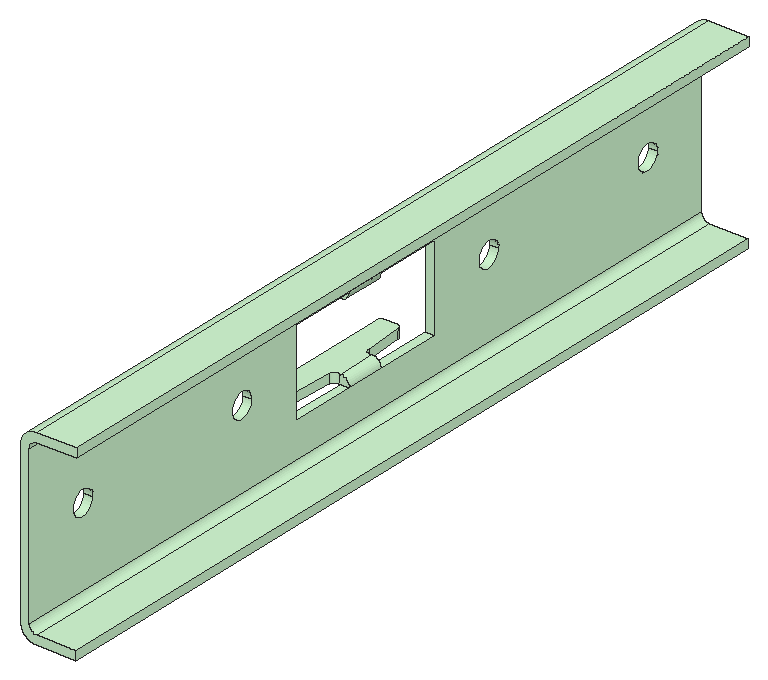
Revit family "RPチャンネルジョイント", category 機械設備, Revit 2020
Family settings
  丸型コネクタ寸法 = 直径を使用
  種別 = なし
  パーツ タイプ = 標準
  作業面ベース = いいえ
  常に垂直 = はい
  ロード時にボイドで切り取り = いいえ
  共有 = いいえ
  部屋計算ポイント = いいえ
Parameters
  製造元 = "株式会社桐井製作所"
  既定の高さ = 0 mm
  URL = "https://www.kirii.co.jp/"
  K_品名 = "RPチャンネルジョイント(C38)"
  K_名称 = "特殊ジョイント"
  K_入数 = "100"
  K_バージョン情報 = "20210714"
Reference planes
  plane 1 "中心(正面/背面)": y = 0
  plane 2: z = 0
  plane 3 "中心(左/右)": x = 0
Forms (mm)
  Extrusion 1, solid
    sketch origin (2.7, 0, 0) x (1, 0, 0) y (0, 0, 1)
      loop
        line (-2.7, 15.375) -> (-2.7, 16.975) -> (-9.7, 16.975)
        arc (-9.7, 16.975) -> (-11.821, 16.096) -> (-12.7, 13.975) r 3
        line (-12.7, 13.975) -> (-12.7, -14.025)
        arc (-12.7, -14.025) -> (-11.821, -16.146) -> (-9.7, -17.025) r 3
        line (-9.7, -17.025) -> (-2.7, -17.025) -> (-2.7, -15.425) -> (-9.7, -15.425)
        arc (-9.7, -15.425) -> (-10.69, -15.015) -> (-11.1, -14.025) r 1.4
        line (-11.1, -14.025) -> (-11.1, 13.975)
        arc (-11.1, 13.975) -> (-10.69, 14.965) -> (-9.7, 15.375) r 1.4
        line (-9.7, 15.375) -> (-2.7, 15.375)
    from -75 to 75
  Extrusion 2, void
    sketch origin (2.7, 0, 0) x (0, 1, 0) y (0, 0, 1)
      loop
        line (15.5, 7.675) -> (-15.5, 7.675) -> (-15.5, -7.725) -> (15.5, -7.725) -> (15.5, 7.675)
    from -11.1 to -12.7
  Extrusion 3, solid
    sketch origin (0, 0, 0) x (1, 0, 0) y (0, 0, 1)
      loop
        line (-15.8, 7.675) -> (-15.8, 6.075) -> (-10, 6.075)
        arc (-10, 6.075) -> (-8.869, 6.544) -> (-8.4, 7.675) r 1.6
        line (-8.4, 7.675) -> (-15.8, 7.675)
    from -12.5 to 12.5
  Extrusion 4, void
    sketch origin (0, 0, 0) x (1, 0, 0) y (0, 1, 0)
      loop
        line (-11.8, 11.5) -> (-11.359, 4.438)
        arc (-11.359, 4.438) -> (-11.045, 3.771) -> (-10.361, 3.5) r 1
        line (-10.361, 3.5) -> (-8.4, 3.5) -> (-8.4, 12.5) -> (-12.8, 12.5)
        arc (-12.8, 12.5) -> (-12.093, 12.207) -> (-11.8, 11.5) r 1
    from 6.075 to 7.675
  Extrusion 5, void
    sketch origin (0, 0, 0) x (1, 0, 0) y (0, 1, 0)
      loop
        arc (-11.8, -11.5) -> (-12.093, -12.207) -> (-12.8, -12.5) r 1
        line (-12.8, -12.5) -> (-8.4, -12.5) -> (-8.4, -3.5) -> (-10.361, -3.5)
        arc (-10.361, -3.5) -> (-11.045, -3.771) -> (-11.359, -4.438) r 1
        line (-11.359, -4.438) -> (-11.8, -11.5)
    from 6.075 to 7.675
  Extrusion 6, void
    sketch origin (0, 0, 6.075) x (1, 0, 0) y (0, 1, 0)
      loop
        line (-14.8, 12.5) -> (-15.8, 12.5) -> (-15.8, 11.5)
        arc (-15.8, 11.5) -> (-15.507, 12.207) -> (-14.8, 12.5) r 1
      loop
        arc (-14.8, -12.5) -> (-15.507, -12.207) -> (-15.8, -11.5) r 1
        line (-15.8, -11.5) -> (-15.8, -12.5) -> (-14.8, -12.5)
    from 0 to 1.6
  Extrusion 7, solid
    sketch origin (0, 0, 0) x (1, 0, 0) y (0, 0, 1)
      loop
        line (-15.8, -7.725) -> (-8.4, -7.725)
        arc (-8.4, -7.725) -> (-8.869, -6.594) -> (-10, -6.125) r 1.6
        line (-10, -6.125) -> (-15.8, -6.125) -> (-15.8, -7.725)
    from -12.5 to 12.5
  Extrusion 8, void
    sketch origin (0, 0, -7.675) x (0, -1, 0) y (1, 0, 0)
      loop
        line (-12.5, -14.8) -> (-12.5, -15.8) -> (-11.5, -15.8)
        arc (-11.5, -15.8) -> (-12.207, -15.507) -> (-12.5, -14.8) r 1
      loop
        arc (12.5, -14.8) -> (12.207, -15.507) -> (11.5, -15.8) r 1
        line (11.5, -15.8) -> (12.5, -15.8) -> (12.5, -14.8)
    from -0.05 to 1.6
  Extrusion 9, void
    sketch origin (0, 0, -13.8) x (0, -1, 0) y (1, 0, 0)
      loop
        arc (11.5, -11.8) -> (12.207, -12.093) -> (12.5, -12.8) r 1
        line (12.5, -12.8) -> (12.5, -8.4) -> (3.5, -8.4) -> (3.5, -10.361)
        arc (3.5, -10.361) -> (3.771, -11.045) -> (4.438, -11.359) r 1
        line (4.438, -11.359) -> (11.5, -11.8)
    from 6.075 to 7.675
  Extrusion 10, void
    sketch origin (0, 0, -13.8) x (0, -1, 0) y (1, 0, 0)
      loop
        line (-11.5, -11.8) -> (-4.438, -11.359)
        arc (-4.438, -11.359) -> (-3.771, -11.045) -> (-3.5, -10.361) r 1
        line (-3.5, -10.361) -> (-3.5, -8.4) -> (-12.5, -8.4) -> (-12.5, -12.8)
        arc (-12.5, -12.8) -> (-12.207, -12.093) -> (-11.5, -11.8) r 1
    from 6.075 to 7.675
  Extrusion 11, void
    sketch origin (0, 0, 0) x (0, 1, 0) y (0, 0, 1)
      loop
        circle (-63, 0) r 2.25
      loop
        circle (-27.5, 0) r 2.25
      loop
        circle (27.5, 0) r 2.25
      loop
        circle (63, 0) r 2.25
    from -10 to -8.4
Cuts and joins
  Extrusion 2, Extrusion 5, Extrusion 9, Extrusion 10, Extrusion 11 cuts Extrusion 1
  Extrusion 4, Extrusion 5, Extrusion 6, Extrusion 9, Extrusion 10 cuts Extrusion 3
  Extrusion 8, Extrusion 9, Extrusion 10 cuts Extrusion 7
  joined: Extrusion 1, Extrusion 3, Extrusion 7
Dimensions and locks
  aligned and locked: level to plane 2
